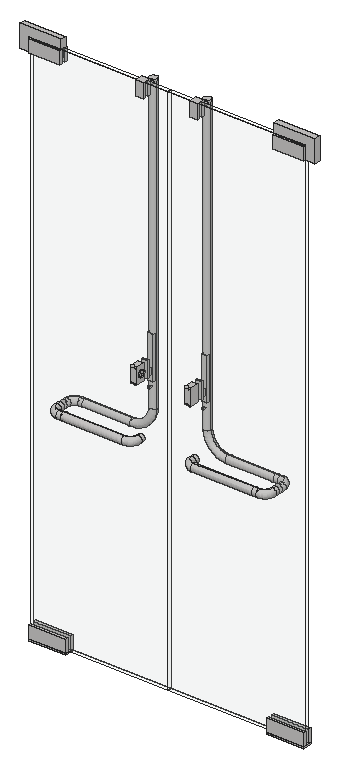
Revit family "Doors_Swing_Avanti_Systems_Pivot-Frameless-Pair-Swing-Door-Sgl-Glazed", category Doors, Revit 2015
Parameters (values of type "Load Family Type Catalog")
  Youtube clip = ""
  Weight Net (Kg) = "0"
  Warranty = "1 year"  # constant formula
  Uniformat II Description = "Interior Doors"
  Uniformat II Code = "C1020"
  Uniclass 2015 Name = "Doors and windows"
  Uniclass 2015 Code = "EF_25_30"
  Uniclass 2.0 Description = ""
  Uniclass 2.0 Code = ""
  Uniclass 1.4 Description = "Doors"
  Uniclass 1.4 Code = "JL20"
  URL = "https://www.avantisystemsusa.com"
  UNSPSC Code = "30171504"
  Type = 2
  Thickness = if(Type = 1, 1/2", if(Type = 2, 3/4", if(Type = 3, 3/8", if(Type = 4, 7/16", 9/16"))))  # 3/4"
  Technical description = ""
  Sound Rating = 0
  Region South America = "All"
  Region Oceania = "All"
  Region North America = "All"
  Region Middle East = "All"
  Region Europe = "All"
  Region Asia = "All"
  Region Antarctica = "All"
  Region Africa = "All"
  Recessed Floor Closer [instance] = yes
  QR code = "http://bimobject.com/avantisystems/product/avanti-pivot-frameless-swing-door"
  Product url = "https://www.avantisystemsusa.com/glass-products/doors/pivot-doors-hinged-doors/single-glazed-frameless/"
  Product group = "Pivot Frameless Swing"
  Product family = "Pivot & Hinged Doors"
  Product data url = "https://bimobject.com/avantisystems/product/avanti-pivot-frameless-swing-door"
  Product certification = ""
  Product SKU = "avanti-pivot-frameless-swing-door"
  Product Guid = "3a11851e-372f-40ff-a97e-0ea9b5931639"
  Power = 110 V  # constant formula
  Panel Width [instance] = (Opening Width / 2) - 93/128"  # 23.65513"
  Opening Width [instance] = 48.76338"
  OmniClass Description = "Wood Doors"
  OmniClass Code = "23-17 11 15"
  Nominal width = 0"
  Nominal height = 0"
  NBS Reference Description = ""
  NBS Reference Code = ""
  Model = "Pivot Frameless Swing Door"  # constant formula
  Material secondary = "Aluminium"
  Material main = "Glass"
  Masterformat 2014 Description = "Wood Doors"
  Masterformat 2014 Code = "08 14 00"
  Manufacturer name = "Avanti Systems"
  Manufacturer country = ""
  Manufacturer = "Avanti Systems USA"  # constant formula
  Lock = "Thumb turn floor lock with a key"
  Ladder Pull Height [instance] = 18"
  LEED compatibility = "YES"
  Installation instructions = ""
  IFC Classification = "Door"
  Height [instance] = 94 3/4"
  Hardware material [instance] = Stainless Steel - Avanti- Brushed Finish
  Handle type [instance] = Handle : Panic Device
  Handle Height [instance] = Height  # 94 3/4"
  Glazing = "Safety Glazing SGCC"
  Glass Width [instance] = 48.38838"
  Glass Material = Glass - Avanti -  Clear Tempered
  Glass Marker = yes
  Glass Height [instance] = 94 3/8"
  Function = Interior
  Edition number = 1
  EAN code = ""
  Design country = "United States"
  Description = "The Pivot Frameless Glass Swing Door is our luxury glass door solution that is completely customizable and is compatible with every partition system we offer as well as solid traditional walls."  # constant formula
  Date of publishing = ""
  Clear Anodic Finish = "available"  # constant formula
  COBIe Type Category = ""
  Brand url = "http://www.avantisystemsusa.com/"
  BIMobject main category code = "doors"
  BIMobject main category = "Doors"
  BIMobject category code = "doors-swing"
  BIMobject category = "Swing"
  Analytic Construction = "<None>"
  Acoustic performance (dB) = 43  # constant formula
Reference planes (in)
  plane 1 "Center (Front/Back)": y = 0
  plane 2: z = 0
  plane 3 "Center (Left/Right)": x = 3.24894
  plane 4: x = -21.13275
  plane 5: x = 27.63063
  plane 6 "Top": z = 94.75
  plane 7 "Curtain_wall_center": y = 0
  plane 8 "Curtain_wall_exterior": y = 0.375
  plane 9 "Curtain_wall_interior": y = -0.375
  plane 10 "Handle_placement_level": x = 0.74894
  plane 11: z = 1.5625
  plane 12: x = 29.19313
  plane 13: x = -22.69525
  plane 14: x = 5.74894
  plane 15: x = 3.24894
  plane 16: z = 94.5625
  plane 17: x = 27.44313
  plane 18: x = -20.94525
  plane 19: z = 0.1875
  plane 20: x = 15.34604
  plane 21: x = -8.84815
  plane 22: z = 47.375
Forms (in)
  Extrusion 1, solid, material "Glass - Avanti -  Clear Tempered" <- "Glass Material"
    sketch origin (0, -1.125, 0) x (1, 0, 0) y (0, 1, 0)
      loop
        line (-20.94525, 1.5) -> (-20.94525, 0.75) -> (3.24894, 0.75) -> (3.24894, 1.5) -> (-20.94525, 1.5)
    from 0.1875 to 94.5625
  Extrusion 2, solid, material "Glass - Avanti -  Clear Tempered" <- "Glass Material"
    sketch origin (6.49788, -2.54297, 0) x (-1, 0, 0) y (0, -1, 0)
      loop
        line (-20.94525, -2.91797) -> (3.24894, -2.91797) -> (3.24894, -2.16797) -> (-20.94525, -2.16797) -> (-20.94525, -2.91797)
    from 0.1875 to 94.5625
Lines and regions (in)
  Masking region 1
    outline origin (3.24894, 0, 0) x (0, 1, 0) y (0, 0, 1)
      loop
        line (0.375, 94.5625) -> (-0.375, 94.5625) -> (-0.375, 0.1875) -> (0.375, 0.1875) -> (0.375, 94.5625)
  symbolic lines, style "0", not visible
    curve 1: circle (20.74894, 4.89891, 0) r 0.39445 normal (0, 0, 1)
    curve 2: line (20.43894, 4.65501, 0) -> (20.43894, 2.625, 0)
    curve 3: line (21.06195, 4.65887, 0) -> (21.06195, 2.625, 0)
    curve 4: circle (20.74894, -0.14891, 0) r 0.39445 normal (0, 0, -1)
    curve 5: line (20.43894, 0.09499, 0) -> (20.43894, 2.125, 0)
    curve 6: line (21.06195, 0.09113, 0) -> (21.06195, 2.125, 0)
  symbolic lines, style "0"
    curve 7: line (-21.13275, -0.375, 0) -> (27.63063, -0.375, 0)
    curve 8: line (27.63063, -0.375, 0) -> (27.63063, 0.375, 0)
    curve 9: line (-21.13275, 0.375, 0) -> (27.63063, 0.375, 0)
    curve 10: line (3.24894, 0.375, 94.75) -> (3.24894, -0.375, 94.75)
    curve 11: line (3.24894, -0.375, 94.75) -> (3.24894, -0.375, 96.3125)
    curve 12: line (3.24894, 0.375, 0.1875) -> (3.24894, 0.375, 94.5625)
    curve 13: line (3.24894, 0.82993, 0) -> (3.24894, 0.53416, 0)
    curve 14: line (3.24894, 0.375, 96.3125) -> (3.24894, -0.375, 96.3125)
    curve 15: line (3.24894, -0.375, 0.1875) -> (3.24894, -0.375, 94.5625)
    curve 16: line (3.24894, 0.375, 0.1875) -> (3.24894, -0.375, 0.1875)
    curve 17: line (3.24894, 0.375, 0) -> (3.24894, -0.375, 0)
    curve 18: line (-21.13275, 0.375, 0) -> (-21.13275, -0.375, 0)
  symbolic lines, visible <- "Glass Marker"
    curve 19: line (12.51761, -0.24998, 44.54657) -> (18.17446, -0.24998, 50.20343)
    curve 20: line (15.34604, -0.24998, 45.52704) -> (17.19399, -0.24998, 47.375)
    curve 21: line (13.49808, -0.24998, 47.375) -> (15.34604, -0.24998, 49.22296)
    curve 29: line (-11.67658, -0.24998, 44.54657) -> (-6.01973, -0.24998, 50.20343)
    curve 30: line (-8.84815, -0.24998, 45.52704) -> (-7.0002, -0.24998, 47.375)
    curve 31: line (-10.69611, -0.24998, 47.375) -> (-8.84815, -0.24998, 49.22296)
  symbolic lines, not visible
    curve 22: line (13.49808, 0.25002, 47.375) -> (17.19399, 0.25002, 47.375)
    curve 27: line (-1.84534, 0.25002, 22.66367) -> (1.85057, 0.25002, 22.66367)
    curve 32: line (-10.69611, 0.25002, 47.375) -> (-7.0002, 0.25002, 47.375)
    curve 37: line (-1.84534, 0.25002, 22.66367) -> (1.85057, 0.25002, 22.66367)
  model lines, not visible
    curve 23: line (15.34604, 0.25002, 45.52704) -> (15.34604, 0.25002, 49.22296)
    curve 28: line (0.00262, 0.25002, 20.81572) -> (0.00262, 0.25002, 24.51163)
    curve 33: line (-8.84815, 0.25002, 45.52704) -> (-8.84815, 0.25002, 49.22296)
    curve 38: line (0.00262, 0.25002, 20.81572) -> (0.00262, 0.25002, 24.51163)
  symbolic lines, visible <- "Glass Marker", not visible
    curve 24: line (-2.82581, -0.24998, 19.83525) -> (2.83104, -0.24998, 25.4921)
    curve 25: line (0.00262, -0.24998, 20.81572) -> (1.85057, -0.24998, 22.66367)
    curve 26: line (-1.84534, -0.24998, 22.66367) -> (0.00262, -0.24998, 24.51163)
    curve 34: line (-2.82581, -0.24998, 19.83525) -> (2.83104, -0.24998, 25.4921)
    curve 35: line (0.00262, -0.24998, 20.81572) -> (1.85057, -0.24998, 22.66367)
    curve 36: line (-1.84534, -0.24998, 22.66367) -> (0.00262, -0.24998, 24.51163)
  symbolic lines, style "DoorsHiddenLines"
    curve 39: line (3.24894, 0, 94.5625) -> (-20.94525, 0, 47.375)
    curve 40: line (-20.94525, 0, 47.375) -> (3.24894, 0, 0.1875)
    curve 41: line (-20.21716, 0, 0) -> (-20.21716, 23.65513, 0)
    curve 42: arc (-20.21716, 23.65513, 0) -> (-3.75562, 16.83654, 0) -> (3.06297, 0.375, 0) r 23.28013
    curve 43: line (26.71504, 0, 0) -> (26.71504, 23.65513, 0)
    curve 44: arc (26.71504, 23.65513, 0) -> (10.2535, 16.83654, 0) -> (3.43491, 0.375, 0) r 23.28013
    curve 45: line (3.24894, 0, 94.5625) -> (27.44313, 0, 47.375)
    curve 46: line (27.44313, 0, 47.375) -> (3.24894, 0, 0.1875)
Text (in)
  text "Exterior" at (-45.72835, 31.38743, 0), in view "Ref. Level"
Dimensions and locks (in)
  equal spacing: plane 4, plane 3 "Center (Left/Right)", plane 5
  equal spacing: plane 8 "Curtain_wall_exterior", plane 7 "Curtain_wall_center", plane 9 "Curtain_wall_interior"
  "Thickness": plane 8 "Curtain_wall_exterior" to plane 9 "Curtain_wall_interior"
  "Opening Width": plane 4 to plane 5
  curve 12 to curve 15 = 3/4"
  Extrusion 1 to Extrusion 1 = 3/4"
  plane 11 to plane 2 = 1 9/16"
  plane 2 to plane 11 = 1 9/16"
  locked: plane 5 to plane 12 at 1.5625
  locked: plane 13 to plane 4 at 1.5625
  Extrusion 2 to Extrusion 2 = 3/4"
  equal spacing: plane 4, plane 15, plane 5
  locked: plane 14 to plane 15 at 2.5
  locked: plane 15 to plane 10 "Handle_placement_level" at 2.5
  nested 2 to plane 8 "Curtain_wall_exterior" = 1/8"
  nested 1 to plane 8 "Curtain_wall_exterior" = 1/8"
  "Height": plane 2 to plane 6 "Top"
  locked: plane 17 to plane 5 at 0.1875
  locked: plane 4 to plane 18 at 0.1875
  locked: plane 16 to plane 6 "Top" at 0.1875
  locked: plane 2 to plane 19 at 0.1875
  equal spacing: plane 15, plane 20, plane 17
  equal spacing: plane 15, plane 21, plane 18
  equal spacing: plane 19, plane 22, plane 16
  "Glass Width": plane 18 to plane 17
  "Glass Height": plane 19 to plane 16
  locked: plane 18 to curve 41 at 0.72809
  "Panel Width": plane 7 "Curtain_wall_center" to curve 41
  locked: curve 42 to plane 15 at 0.18597
  locked: curve 43 to plane 17 at 0.72809
  "Panel Width": plane 7 "Curtain_wall_center" to curve 43
  locked: plane 15 to curve 44 at 0.18597
  aligned and locked: level to plane 2
  aligned and locked: curve 8 to plane 5
  aligned and locked: nested 1 to plane 5
  aligned and locked: nested 2 to plane 4
  aligned and locked: Extrusion 2 to plane 15
  aligned and locked: plane 15 to Extrusion 1
  aligned and locked: curve 17 to plane 15
  aligned and locked: plane 8 "Curtain_wall_exterior" to curve 17
  aligned and locked: plane 4 to curve 9
  aligned and locked: plane 9 "Curtain_wall_interior" to curve 18
  aligned and locked: nested 2 to plane 6 "Top"
  aligned and locked: plane 6 "Top" to nested 1
  aligned and locked: plane 9 "Curtain_wall_interior" to curve 17
  aligned and locked: nested 5 to plane 2
  aligned and locked: Extrusion 2 to plane 16
  aligned and locked: Extrusion 2 to plane 17
  aligned and locked: Extrusion 2 to plane 19
  aligned and locked: Extrusion 1 to plane 19
  aligned and locked: plane 18 to Extrusion 1
  aligned and locked: Extrusion 1 to plane 16
  aligned and locked: plane 16 to nested 3
  aligned and locked: nested 4 to plane 16
  aligned and locked: plane 16 to nested 7
  aligned and locked: plane 17 to nested 7
  aligned and locked: plane 18 to nested 8
  aligned and locked: nested 8 to plane 16
  aligned and locked: plane 17 to nested 5
  aligned and locked: plane 22 to curve 22
  aligned and locked: curve 23 to plane 20
  aligned and locked: plane 22 to curve 32
  aligned and locked: curve 33 to plane 21
  aligned and locked: curve 16 to plane 19
  aligned and locked: plane 2 to nested 6
  aligned and locked: plane 18 to nested 6  (x2)
  aligned and locked: plane 16 to curve 39
  aligned and locked: plane 19 to curve 40
  aligned and locked: plane 19 to nested 5
  aligned and locked: plane 22 to curve 40
  aligned and locked: Masking region 1 sketch curve to plane 8 "Curtain_wall_exterior"
  aligned and locked: plane 9 "Curtain_wall_interior" to Masking region 1 sketch curve
  aligned and locked: plane 16 to Masking region 1 sketch curve
  aligned and locked: plane 19 to Masking region 1 sketch curve
  aligned and locked: plane 16 to curve 12
  aligned and locked: plane 16 to curve 15
  aligned and locked: plane 7 "Curtain_wall_center" to curve 41
  aligned and locked: curve 41 to curve 42
  aligned and locked: plane 7 "Curtain_wall_center" to curve 43
  aligned and locked: curve 43 to curve 44
  aligned and locked: plane 7 "Curtain_wall_center" to nested 1
  aligned and locked: plane 15 to curve 39
  aligned and locked: plane 18 to curve 39
  aligned and locked: plane 15 to curve 46
  aligned and locked: plane 17 to curve 45
  aligned and locked: nested 3 to plane 14
  aligned and locked: plane 10 "Handle_placement_level" to nested 4
  aligned and locked: plane 17 to nested 10
  aligned and locked: plane 2 to nested 10
  aligned and locked: plane 18 to nested 9
  aligned and locked: nested 9 to plane 2
  aligned and locked: nested 11 to plane 7 "Curtain_wall_center"
  aligned and locked: nested 11 to plane 2
Automatic sketch dimensions
  curve 15 to plane 9 "Curtain_wall_interior" = 0"
  plane 6 "Top" to curve 10 = 0"
  curve 10 to plane 9 "Curtain_wall_interior" = 0"
  curve 12 to plane 8 "Curtain_wall_exterior" = 0"
  curve 13 to level = 0"
  curve 11 to plane 6 "Top" = 1 9/16"
  plane 8 "Curtain_wall_exterior" to curve 13 = 0.15916"
  curve 13 to curve 13 = 0.29578"
  curve 14 to plane 8 "Curtain_wall_exterior" = 0"
  curve 10 to plane 8 "Curtain_wall_exterior" = 0"
  Extrusion 1 sketch curve to plane 9 "Curtain_wall_interior" = 0"
  Extrusion 1 sketch curve to plane 18 = 0"
  Extrusion 1 sketch curve to plane 3 "Center (Left/Right)" = 0"
  Extrusion 1 sketch curve to plane 8 "Curtain_wall_exterior" = 0"
  Extrusion 2 sketch curve to plane 9 "Curtain_wall_interior" = 0"
  Extrusion 2 sketch curve to plane 17 = 0"
  plane 3 "Center (Left/Right)" to Extrusion 2 sketch curve = 0"
  Extrusion 2 sketch curve to plane 8 "Curtain_wall_exterior" = 0"
  curve 46 to plane 22 = 0"
Nested families (in)
  nested 1: "Pivot Door Top Free Swing Patch Fitting" at (18.12971, -0.5, 94.75) x (-1, 0, 0) z (0, 1, 0), type "Pivot Door Top Free Swing Patch Fitting"
  nested 2: "Pivot Door Top Free Swing Patch Fitting" at (-11.63183, -0.5, 94.75) x (1, 0, 0) z (0, 1, 0), type "Pivot Door Top Free Swing Patch Fitting"
  nested 3: "Handle" at (7.37394, 1.75, 37.8125) x (-1, 0, 0) z (0, 1, 0), type <- "Handle type", type "Panic Device", detail levels medium+fine
    with Locker yes, Width 23.65513", Thickness 3/4", Height 94 3/4"
  nested 4: "Handle" at (-0.87606, 1.75, 37.8125) x (1, 0, 0) z (0, 1, 0), type <- "Handle type", type "Panic Device", detail levels medium+fine
    with Locker yes, Width 23.65513", Thickness 3/4", Height 94 3/4"
  nested 5: "Pivot Door Bottom Free Swing Pivot Option" at (27.44313, 0.375, 0) x (-1, 0, 0) z (0, 1, 0), Glass Thickness Control <- "Thickness", Product Material <- "Hardware material", Recessed Floor Closer <- "Recessed Floor Closer", type "Glass Thickness 8.0 mm"
    with Recessed Floor Closer yes, Product Material Stainless Steel - Avanti- Brushed Finish, Glass Thickness Control 3/4"
  nested 6: "Pivot Door Bottom Free Swing Pivot Option" at (-20.94525, 0.375, 0) x (1, 0, 0) z (0, 1, 0), Glass Thickness Control <- "Thickness", Product Material <- "Hardware material", Recessed Floor Closer <- "Recessed Floor Closer", type "Glass Thickness 8.0 mm"
    with Recessed Floor Closer yes, Product Material Stainless Steel - Avanti- Brushed Finish, Glass Thickness Control 3/4"
  nested 7: "Pivot Door Top Free Swing Pivot" at (27.44313, 0.375, 92.24754) x (-1, 0, 0) z (0, 1, 0), Glass Thickness Control <- "Thickness", Product Material <- "Hardware material", type "Glass Thickness 8.0 mm"
    with Product Material Stainless Steel - Avanti- Brushed Finish, Glass Thickness Control 3/4"
  nested 8: "Pivot Door Top Free Swing Pivot" at (-20.94525, 0.375, 92.24754) x (1, 0, 0) z (0, 1, 0), Glass Thickness Control <- "Thickness", Product Material <- "Hardware material", type "Glass Thickness 8.0 mm"
    with Product Material Stainless Steel - Avanti- Brushed Finish, Glass Thickness Control 3/4"
  nested 9: "Recessed Floor Closer - Elevation" at (-18.87315, 0, 0.11624) x (1, 0, 0) z (0, -1, 0), visible <- "Recessed Floor Closer", type "Recessed Floor Closer - Elevation"
  nested 10: "Recessed Floor Closer - Elevation" at (25.37103, 0, 0.11624) x (-1, 0, 0) z (0, -1, 0), visible <- "Recessed Floor Closer", type "Recessed Floor Closer - Elevation"
  nested 11: "Recessed Floor Closer - Section" at (3.24894, 0, 0) x (0, 1, 0) z (1, 0, 0), visible <- "Recessed Floor Closer", type "Recessed Floor Closer - Section"
Definition of nested family "Pivot Door Top Free Swing Patch Fitting"
  Parameters (values of type "Pivot Door Top Free Swing Patch Fitting")
    Material = none
    Default Elevation = 48"
  Reference planes (in)
    plane 1 "Center (Front/Back)": y = 0
    plane 2: z = 0
    plane 3 "Center (Left/Right)": x = 0
  Forms (in)
    Extrusion 1, solid, material <- "Material"
      sketch origin (5.75014, 73, 1.91797) x (0, -1, 0) y (1, 0, 0)
        loop
          line (73, -9.56356) -> (73, -15.25106) -> (70.64844, -15.25106) -> (70.64844, -16.81356) -> (74.5625, -16.81356) -> (74.5625, -9.56356) -> (73, -9.56356)
      from -1.91797 to -0.91797
  Lines and regions (in)
    reference lines
      curve 1: line (0, 2.35156, 0.5) -> (0, -5.14844, 0.5)
  Dimensions and locks (in)
    aligned and locked: level to plane 2
Definition of nested family "Handle"
  Parameters (values of type "48" Ladder Pull")
    Width = 54.28299"
    Type = 3
    Ladder Pool Height = 18"
    Ladder 60" = if(Type = 5, 1 = 1, 1 = 0)  # no
    Ladder = if(Type = 3, 1 = 1, 1 = 0)  # yes
    Thickness = 1/2"
    Panic hardware = if(Type = 4, 1 = 1, 1 = 0)  # no
    Material = none
    Locker [instance] = yes
    Height = 90 9/16"
    Glass door = if(Type = 2, 1 = 1, 1 = 0)  # no
    Framed door = if(Type = 1, 1 = 1, 1 = 0)  # no
    Default Elevation = 48"
  Types (3): name | Width | Type | Ladder 60" | Ladder | Panic hardware
    60" Ladder Pull | 54.28299" | 5 | yes | no | no
    Panic Device | 26.41493" | 4 | no | no | yes
    48" Ladder Pull | 54.28299" | 3 | no | yes | no
  Reference planes (in)
    plane 1 "Center (Front/Back)": y = 0
    plane 2: z = 0
    plane 3 "Center (Left/Right)": x = 0
    plane 4 "door_up": z = -1.375
    plane 5 "door_down": z = -1.875
    plane 6: z = -3.25
    plane 7: x = -1.25
    plane 8: x = -43.31449
    plane 9: x = -46.03299
    plane 10: x = -43.31449
    plane 11: y = 51.9375
    plane 12: y = 0.625
    plane 13: y = 11.125
    plane 14: y = 52.5625
    plane 15: y = -38
    plane 16: x = -50.15799
    plane 17 "door": x = 4.125
    plane 18: x = 1.625
    plane 19: y = -20
  Forms (in)
    Sweep 1, solid, material <- "Material", visible <- "Panic hardware"
      path origin (0, 0, 0) x (1, 0, 0) y (0, 1, 0)
        loop
          line (-1.25, 51.9375) -> (-1.25, 4.25)
          arc (-1.25, 4.25) -> (-2.12868, 2.12868) -> (-4.25, 1.25) r 3
          line (-4.25, 1.25) -> (-43.31449, 1.25)
      profile origin (-1.25, 28.09375, 0) x (1, 0, 0) y (0, 0, 1)
        loop
          circle (0.625, 0.625) r 0.625
    Sweep 2, solid, material <- "Material", visible <- "Panic hardware"
      path origin (0, 0, 0) x (1, 0, 0) y (0, 0, 1)
        loop
          line (-43.31449, 0) -> (-44.06449, 0)
          arc (-44.06449, 0) -> (-44.57255, -0.21044) -> (-44.78299, -0.7185) r 0.7185
          line (-44.78299, -0.7185) -> (-44.78299, -1.375)
      profile origin (-43.68949, 0, 0) x (0, 0, -1) y (0, -1, 0)
        loop
          circle (-0.625, -0.625) r 0.625
    Sweep 3, solid, material <- "Material", visible <- "Panic hardware"
      path origin (0, 0, -6.75) x (1, 0, 0) y (0, 0, -1)
        loop
          line (-43.31449, -3.5) -> (-44.06449, -3.5)
          arc (-44.06449, -3.5) -> (-44.57255, -3.71044) -> (-44.78299, -4.2185) r 0.7185
          line (-44.78299, -4.2185) -> (-44.78299, -4.875)
      profile origin (-43.68949, 0, -3.25) x (0, 0, -1) y (0, -1, 0)
        loop
          circle (0.625, -0.625) r 0.625
    Sweep 4, solid, material <- "Material", visible <- "Panic hardware"
      path origin (-30, 0, -6.75) x (-1, 0, 0) y (0, 0, -1)
        loop
          line (13.31449, -3.5) -> (-28.0315, -3.5)
          arc (-28.0315, -3.5) -> (-28.53956, -3.71044) -> (-28.75, -4.2185) r 0.7185
          line (-28.75, -4.2185) -> (-28.75, -4.875)
      profile origin (-22.6415, 0, -3.25) x (0, 0, 1) y (0, -1, 0)
        loop
          circle (-0.625, -0.625) r 0.625
  Cuts and joins
    joined: Sweep 1, Sweep 2
    joined: Sweep 3, Sweep 4
  Dimensions and locks (in)
    "Thickness": plane 5 "door_down" to plane 4 "door_up"
    locked: plane 3 "Center (Left/Right)" to plane 7 at 1.25
    locked: plane 9 to plane 8 at 2.7185
    locked: plane 9 to Sweep 3 sketch curve at 1.25
    locked: Sweep 2 sketch curve to plane 9 at 1.25
    locked: plane 10 to plane 9 at 2.7185
    locked: Sweep 1 sketch curve to plane 1 "Center (Front/Back)" at 1.25
    locked: plane 3 "Center (Left/Right)" to nested 1 at 0.125
    locked: plane 4 "door_up" to plane 2 at 1.375
    locked: plane 6 to plane 5 "door_down" at 1.375
    locked: plane 12 to plane 1 "Center (Front/Back)" at 0.625
    locked: plane 13 to plane 12 at 10.5
    locked: plane 14 to plane 11 at 0.625
    "Height": plane 14 to plane 15
    locked: plane 1 "Center (Front/Back)" to plane 15 at 38
    locked: plane 3 "Center (Left/Right)" to plane 17 "door" at 4.125
    "Width": plane 16 to plane 17 "door"
    locked: plane 16 to plane 10 at 6.8435
    locked: plane 18 to plane 17 "door" at 2.5
    "Ladder Pool Height": plane 19 to plane 15
    aligned and locked: level to plane 2
    aligned and locked: plane 4 "door_up" to cut or joined group of Sweep 1, Sweep 2
    aligned and locked: Sweep 2 sketch curve to plane 4 "door_up"
    aligned and locked: Sweep 3 sketch curve to plane 5 "door_down"
    aligned and locked: plane 6 to Sweep 3 sketch curve
    aligned and locked: plane 7 to Sweep 4 sketch curve
    aligned and locked: Sweep 4 sketch curve to plane 6
    aligned and locked: plane 8 to Sweep 4 sketch curve
    aligned and locked: plane 8 to Sweep 3 sketch curve
    aligned and locked: plane 10 to Sweep 2 sketch curve
    aligned and locked: plane 10 to Sweep 1 sketch curve
    aligned and locked: plane 11 to Sweep 1 sketch curve
    aligned and locked: plane 5 "door_down" to Sweep 4 sketch curve
    aligned and locked: nested 1 to plane 4 "door_up"
    aligned and locked: plane 13 to nested 1
    aligned and locked: nested 2 to plane 4 "door_up"
    aligned and locked: plane 3 "Center (Left/Right)" to nested 2
    aligned and locked: nested 2 to plane 11
    aligned and locked: nested 2 to plane 14
    aligned and locked: plane 18 to nested 3
    aligned and locked: plane 1 "Center (Front/Back)" to nested 3
    aligned and locked: nested 4 to plane 18
    aligned and locked: nested 4 to plane 1 "Center (Front/Back)"
    aligned and locked: nested 5 to plane 4 "door_up"
    aligned and locked: nested 5 to plane 17 "door"
    aligned and locked: nested 5 to plane 1 "Center (Front/Back)"
    aligned and locked: nested 6 to plane 4 "door_up"
    aligned and locked: plane 5 "door_down" to nested 7
    aligned and locked: nested 7 to plane 19
    aligned and locked: plane 19 to nested 6
    aligned and locked: nested 6 to plane 18
    aligned and locked: nested 7 to plane 18
    aligned and locked: plane 4 "door_up" to nested 8
    aligned and locked: plane 15 to nested 8
    aligned and locked: plane 5 "door_down" to nested 9
    aligned and locked: nested 9 to plane 15
    aligned and locked: plane 18 to nested 8
    aligned and locked: plane 18 to nested 9
  Nested families (in)
    nested 1: "Family2" at (-1.125, 11.125, 0.22234), visible <- "Panic hardware", type "Family2"
      with Lock yes
    nested 2: "Family3" at (-0.26102, 51.9375, -1.63602), visible <- "Panic hardware", type "Family3"
      with Thickness 1/2"
    nested 3: "Handle Timber" at (1.625, 0, -1.875), Locker <- "Locker", visible <- "Framed door", type "Handle Timber"
      with Locker yes
    nested 4: "Handle Timber" at (1.625, 0, -1.375) x (1, 0, 0) z (0, 0, -1), Locker <- "Locker", visible <- "Framed door", type "Handle Timber"
      with Locker yes
    nested 5: "Hinged Framed Swing locker" at (3.22214, -1.5625, -5.625), Handle and assembly material <- "Material", visible <- "Glass door", type "Hinged Framed Swing locker"
      with Handle and assembly material none
    nested 6: "Handle_For-Glass_Rounded_600mm" at (1.625, 13.36577, -1.375) x (-1, 0, 0) z (0, 0, -1), Handle Material <- "Material", visible <- "Ladder", type "Handle_For-Glass_Rounded_600mm"
      with Handle Material none, Handle Height 48"
    nested 7: "Handle_For-Glass_Rounded_600mm" at (1.625, -5.36577, -1.875) x (-1, 0, 0) z (0, 0, 1), Handle Material <- "Material", visible <- "Ladder", type "Handle_For-Glass_Rounded_600mm"
      with Handle Material none, Handle Height 48"
    nested 8: "Handle_For-Glass_Rounded_60in" at (1.625, 2.47039, -1.375), visible <- "Ladder 60"", Handle Material <- "Material", type "60""
      with No locker yes, Locker no, Handle Material none, Handle Height 60"
    nested 9: "Handle_For-Glass_Rounded_60in2" at (1.625, 2.47039, -1.875), visible <- "Ladder 60"", Handle Material <- "Material", type "60""
      with No locker no, Locker yes, Handle Material none, Handle Height 60"
  Definition of nested family "Family2"
    Parameters (values of type "Family2")
      Thickness = 1/2"
      Material = none
      Lock = no
    Reference planes (in)
      plane 1 "Center (Front/Back)": y = 0
      plane 2: z = 0
      plane 3 "Center (Left/Right)": x = 0
      plane 4: z = -2.09734
      plane 5: z = -1.59734
    Forms (in)
      Extrusion 1, solid, material <- "Material"
        sketch origin (0, 0, 0) x (0, 1, 0) y (0, 0, 1)
          loop
            line (5.04078, -0.345) -> (5.04078, 0) -> (-2.39922, 0) -> (-2.39922, -0.345) -> (5.04078, -0.345)
        from 0 to 1
      Extrusion 2, solid, material <- "Material"
        sketch origin (0, 0, 0) x (0, 1, 0) y (0, 0, 1)
          loop
            line (-0.3074, -0.345) -> (-1.4374, -0.345) -> (-1.4374, -1.31734) -> (-0.3074, -1.31734) -> (-0.3074, -0.345)
        from 0.32565 to 0.66353
      Extrusion 3, solid, material <- "Material"
        sketch origin (0, 0, 0) x (0, 1, 0) y (0, 0, 1)
          loop
            line (-1.4374, -1.31734) -> (-1.4374, -1.59734) -> (1.43807, -1.59734) -> (1.43807, -1.31734) -> (-1.4374, -1.31734)
          loop
            line (1.45803, -2.09734) -> (-1.41697, -2.09734) -> (-1.41697, -3.82961)
            arc (-1.41697, -3.82961) -> (-1.36191, -3.96254) -> (-1.22897, -4.01761) r 0.188
            line (-1.22897, -4.01761) -> (1.27003, -4.01761)
            arc (1.27003, -4.01761) -> (1.40297, -3.96254) -> (1.45803, -3.82961) r 0.188
            line (1.45803, -3.82961) -> (1.45803, -2.09734)
        from 0 to 1
      Extrusion 4, solid, material <- "Material"
        sketch origin (0, 0, 0) x (0, 1, 0) y (0, 0, 1)
          loop
            arc (-3.2641, -0.65221) -> (-3.242, -0.64306) -> (-3.23285, -0.62096) r 0.03125
            line (-3.23285, -0.62096) -> (-3.23285, 0) -> (-3.4516, 0) -> (-3.4516, -0.62096)
            arc (-3.4516, -0.62096) -> (-3.44244, -0.64306) -> (-3.42035, -0.65221) r 0.03125
            line (-3.42035, -0.65221) -> (-3.2641, -0.65221)
        from 0.32565 to 0.66353
      Extrusion 5, solid, material <- "Material", visible <- "Lock"
        sketch origin (1, 0, 0) x (0, 1, 0) y (0, 0, 1)
          loop
            circle (0.20853, -3.12734) r 0.58
          loop
            circle (0.20853, -3.12734) r 0.5625
          loop
            circle (-0.07272, -3.12734) r 0.22671
        from 0 to 0.25
      Extrusion 6, solid, material <- "Material", visible <- "Lock"
        sketch origin (1, 0, 0) x (0, 1, 0) y (0, 0, 1)
          loop
            circle (0.20853, -3.12734) r 0.5625
        from 0 to 0.20472
      Extrusion 7, solid, material <- "Material", visible <- "Lock", not visible
        sketch origin (1, 0, 0) x (0, 1, 0) y (0, 0, 1)
          loop
            circle (0.20853, -3.12734) r 0.58
          loop
            circle (0.20853, -3.12734) r 0.5625
          loop
            circle (-0.07272, -3.12734) r 0.22671
        from 0 to 0.25
      Extrusion 8, solid, material <- "Material", visible <- "Lock", not visible
        sketch origin (1, 0, 0) x (0, 1, 0) y (0, 0, 1)
          loop
            circle (0.20853, -3.12734) r 0.5625
        from 0 to 0.20472
    Lines and regions (in)
      model lines, not visible
        curve 1: line (0, -0.35397, -3.12734) -> (0, 0.39603, -3.12734)
        curve 2: line (0, -0.35397, -3.12734) -> (0, 0.39603, -3.12734)
    Dimensions and locks (in)
      "Thickness": plane 4 to plane 5
      locked: plane 5 to plane 2 at 1.59734
      aligned and locked: level to plane 2
      aligned and locked: plane 5 to Extrusion 3 sketch curve
      aligned and locked: Extrusion 3 sketch curve to Extrusion 2
      aligned and locked: Extrusion 3 sketch curve to plane 4
  Definition of nested family "Family3"
    Parameters (values of type "Family3")
      Thickness = 0.50125"
      Material = none
    Reference planes (in)
      plane 1 "Center (Front/Back)": y = 0
      plane 2: z = 0
      plane 3 "Center (Left/Right)": x = 0
      plane 4: z = 0.26102
      plane 5: z = -0.24023
    Forms (in)
      Extrusion 1, solid, material <- "Material"
        sketch origin (-0.98898, 0.625, 0.26102) x (0, 0, -1) y (0, 1, 0)
          loop
            line (-0.28125, 0.125) -> (-0.28125, -2.375) -> (0, -2.375) -> (0, 0) -> (0.50125, 0) -> (0.50125, -2.37518) -> (0.78125, -2.37518) -> (0.78125, 0.125) -> (-0.28125, 0.125)
        from 0 to 1.25
      Revolve 2, solid, material <- "Material"
        sketch origin (-0.36398, 0.615, 0.26102) x (0, 0, -1) y (0, 1, 0)
          loop
            line (-0.28125, -0.615) -> (-1.5092, -0.615) -> (-1.5092, -0.995) -> (-0.28125, -0.995) -> (-0.28125, -0.615)
          axis (-1.5092, -0.995) -> (-0.28125, -0.995)
        angle from 0 to 360
    Dimensions and locks (in)
      "Thickness": plane 4 to plane 5
      locked: Extrusion 1 to plane 4 at 0.28125
      locked: plane 5 to Extrusion 1 at 0.28
      aligned and locked: level to plane 2
      aligned and locked: Extrusion 1 to plane 4
      aligned and locked: plane 5 to Extrusion 1
  Definition of nested family "Handle Timber"
    Parameters (values of type "Handle Timber")
      Locker [instance] = yes
      Handle material = none
      Default Elevation = 48"
    Reference planes (in)
      plane 1 "Center (Front/Back)": y = 0
      plane 2: z = 0
      plane 3 "Center (Left/Right)": x = 0
    Forms (in)
      Extrusion 1, solid, material <- "Handle material"
        sketch origin (0, 0.00944, 0.00975) x (-1, 0, 0) y (0, -1, 0.00026)
          loop
            line (0.82036, -6.01526) -> (0.82036, -4.11121)
            arc (0.82036, -4.11121) -> (0, -3.29085) -> (-0.82036, -4.11121) r 0.82036
            line (-0.82036, -4.11121) -> (-0.82036, -6.01526)
            arc (-0.82036, -6.01526) -> (0, -6.83563) -> (0.82036, -6.01526) r 0.82036
          loop
            line (0.82036, -0.95129) -> (0.82036, 0.95276)
            arc (0.82036, 0.95276) -> (0, 1.77313) -> (-0.82036, 0.95276) r 0.82036
            line (-0.82036, 0.95276) -> (-0.82036, -0.95129)
            arc (-0.82036, -0.95129) -> (0, -1.77165) -> (0.82036, -0.95129) r 0.82036
        from -0.36 to -0.00798
      Sweep 2, solid, material <- "Handle material"
        path origin (0, 0.00944, 0.00975) x (-1, 0, 0) y (0, 0.00026, 1)
          loop
            line (0.00372, -0.36) -> (0.00372, -2.13165)
            arc (0.00372, -2.13165) -> (0.19244, -2.58727) -> (0.64805, -2.77599) r 0.64433
            line (0.64805, -2.77599) -> (4.19136, -2.77599)
            arc (4.19136, -2.77599) -> (4.78191, -2.53137) -> (5.02652, -1.94082) r 0.83517
            line (5.02652, -1.94082) -> (5.02652, -0.63757)
        profile origin (-0.00372, 0.00911, -1.23607) x (-1, 0, 0) y (0, 1, -0.00026)
          loop
            circle (0, 0) r 0.3937
      Extrusion 3, solid, material <- "Handle material", visible <- "Locker"
        sketch origin (0, 0.00944, 0.00975) x (-1, 0, 0) y (0, -1, 0.00026)
          loop
            line (0.82009, 4.11958) -> (0.82408, 6.02363)
            arc (0.82408, 6.02363) -> (0.00543, 6.84571) -> (-0.81665, 6.02706) r 0.82036
            line (-0.81665, 6.02706) -> (-0.82063, 4.12301)
            arc (-0.82063, 4.12301) -> (-0.00199, 3.30093) -> (0.82009, 4.11958) r 0.82036
        from -0.36 to -0.01061
    Lines and regions (in)
      reference lines
        curve 1: line (0, 6.84506, 0) -> (0, -6.83627, 0)
        curve 2: line (-5.42022, 0.00893, 0) -> (0.82036, 0.00893, 0)
    Dimensions and locks (in)
      aligned and locked: level to plane 2
  Definition of nested family "Hinged Framed Swing locker"
    Parameters (values of type "Hinged Framed Swing locker")
      Thickness = 1/2"
      Lock = yes
      Handle and assembly material [instance] = none
    Reference planes (in)
      plane 1 "Center (Front/Back)": y = 0
      plane 2: z = 0
      plane 3 "Center (Left/Right)": x = 0
      plane 4: y = 0.59375
      plane 5: y = -0.59375
      plane 6: x = -1
      plane 7: x = 1
      plane 8: y = 0.25
      plane 9: y = -0.25
      plane 10: x = 1.5
      plane 11: z = 8
      plane 12: z = 4.6875
      plane 13: z = 3.6875
      plane 14: z = 3.125
      plane 15: x = 1.38539
      plane 16: z = 2.79297
      plane 17: y = 0.25
      plane 18: y = -0.25
      plane 19: x = 0.90286
      plane 20: z = 6.0625
      plane 21: y = -0.84375
      plane 22: y = -0.80275
      plane 23 "handle_center": z = 2.4375
      plane 24: x = -4.375
      plane 25: y = -1.23355
      plane 26: z = 2.69544
      plane 27: z = 2.17956
      plane 28: y = -2.05222
      plane 29: y = -2.71875
      plane 30: z = 2.69544
      plane 31: z = 2.17956
      plane 32: z = 4.25
      plane 33: z = 3.75
      plane 34: z = 4
    Forms (in)
      Extrusion 1, solid, material <- "Handle and assembly material"
        sketch origin (0, -4, 4) x (1, 0, 0) y (0, 0, -1)
          loop
            line (-1, 0.59375) -> (-1, 0.25) -> (0.90286, 0.25) -> (0.90286, -0.25) -> (-1, -0.25) -> (-1, -0.59375) -> (1, -0.59375) -> (1, 0.59375) -> (-1, 0.59375)
        from 0 to 8
      Extrusion 2, solid, material <- "Handle and assembly material", detail levels fine
        sketch origin (0, -4, 4) x (1, 0, 0) y (0, 0, -1)
          loop
            line (1, 0.25) -> (1, -0.25)
            arc (1, -0.25) -> (1.27121, -0.02121) -> (1.5, 0.25) r 2.09856
            line (1.5, 0.25) -> (1, 0.25)
        from 3.6875 to 4.6875
      Extrusion 3, solid, material <- "Handle and assembly material", detail levels fine
        sketch origin (0, -4, 4) x (1, 0, 0) y (0, 0, -1)
          loop
            line (1, 0.25) -> (1, -0.25)
            arc (1, -0.25) -> (1.0598, -0.20427) -> (1.0921, -0.13627) r 0.16012
            arc (1.0921, -0.13627) -> (1.11202, -0.10046) -> (1.14874, -0.08227) r 0.06897
            line (1.14874, -0.08227) -> (1.30312, -0.08227)
            arc (1.30312, -0.08227) -> (1.36129, -0.05818) -> (1.38539, 0) r 0.08227
            arc (1.38539, 0) -> (1.36129, 0.05818) -> (1.30312, 0.08227) r 0.08227
            line (1.30312, 0.08227) -> (1.14874, 0.08227)
            arc (1.14874, 0.08227) -> (1.11202, 0.10046) -> (1.0921, 0.13627) r 0.06897
            arc (1.0921, 0.13627) -> (1.0598, 0.20427) -> (1, 0.25) r 0.16012
        from 2.79297 to 3.125
      Extrusion 4, solid, material <- "Handle and assembly material", visible <- "Lock", detail levels medium+fine
        sketch origin (1, -4, 4.59375) x (-1, 0, 0) y (0, -1, 0)
          loop
            circle (1, -6.0625) r 0.63654
          loop
            circle (1, -6.0625) r 0.60041
        from 0 to 0.25
      Extrusion 5, solid, material <- "Handle and assembly material", visible <- "Lock", detail levels medium+fine
        sketch origin (1, -4, 4.59375) x (-1, 0, 0) y (0, -1, 0)
          loop
            circle (1, -6.0625) r 0.60041
        from 0 to 0.209
      Blend 6, solid, material <- "Handle and assembly material", visible <- "Lock", detail levels fine
        base sketch origin (1, -4, 4.80275) x (-1, 0, 0) y (0, -1, 0)
          loop
            circle (1, -5.84645) r 0.21605
        top sketch origin (1, -4, 4.80275) x (-1, 0, 0) y (0, -1, 0)
          loop
            circle (1, -5.84645) r 0.19257
        from 0 to 0.041
      Extrusion 7, solid, material <- "Handle and assembly material"
        sketch origin (1, -4, 4.59375) x (-1, 0, 0) y (0, -1, 0)
          loop
            circle (1, -2.4375) r 0.35547
        from 0 to 1.45847
      Extrusion 8, void
        sketch origin (0.04357, -4.04543, 4) x (0, 0, -1) y (-0.017452, 0.999848, 0)
          loop
            line (-1.23355, 2.79297) -> (-1.23355, 2.90667) -> (-2.86779, 2.90667) -> (-2.86779, 2.69544) -> (-1.36779, 2.69544)
            arc (-1.36779, 2.69544) -> (-1.28242, 2.71908) -> (-1.23355, 2.79297) r 0.12635
        from -3.60215 to 0.49573
      Extrusion 9, solid, material <- "Handle and assembly material"
        sketch origin (1, -4, 4.59375) x (-1, 0, 0) y (0, -1, 0)
          loop
            arc (0.71851, -2.22043) -> (0.66353, -2.32283) -> (0.64453, -2.4375) r 0.35547
            arc (0.64453, -2.4375) -> (0.66353, -2.55217) -> (0.71851, -2.65457) r 0.35547
            line (0.71851, -2.65457) -> (5.3098, -2.57443) -> (5.375, -2.50923) -> (5.375, -2.36577) -> (5.3098, -2.30057) -> (0.71851, -2.22043)
        from 1.45847 to 2.125
      Extrusion 10, void
        sketch origin (0.04357, 0.92043, 4) x (0, 0, -1) y (0.017452, 0.999848, 0)
          loop
            arc (-1.23355, -2.79297) -> (-1.28242, -2.71908) -> (-1.36779, -2.69544) r 0.12635
            line (-1.36779, -2.69544) -> (-2.86779, -2.69544) -> (-2.86779, -2.90667) -> (-1.23355, -2.90667) -> (-1.23355, -2.79297)
        from -3.60215 to 0.49573
      Extrusion 11, solid, material <- "Handle and assembly material"
        sketch origin (1, -4, 3.40625) x (0, 1, 0) y (1, 0, 0)
          loop
            circle (2.4375, -1) r 0.35547
        from 0 to 1.45847
      Extrusion 12, void
        sketch origin (0.04357, -4.04543, 4) x (0, 0, 1) y (0.017452, -0.999848, 0)
          loop
            arc (-1.23355, -2.79297) -> (-1.28242, -2.71908) -> (-1.36779, -2.69544) r 0.12635
            line (-1.36779, -2.69544) -> (-2.86779, -2.69544) -> (-2.86779, -2.90667) -> (-1.23355, -2.90667) -> (-1.23355, -2.79297)
        from -3.60215 to 0.49573
      Extrusion 13, solid, material <- "Handle and assembly material"
        sketch origin (1, -4, 3.40625) x (0, 1, 0) y (1, 0, 0)
          loop
            line (2.22043, -0.71851) -> (2.30057, -5.3098) -> (2.36577, -5.375) -> (2.50923, -5.375) -> (2.57443, -5.3098) -> (2.65457, -0.71851)
            arc (2.65457, -0.71851) -> (2.55217, -0.66353) -> (2.4375, -0.64453) r 0.35547
            arc (2.4375, -0.64453) -> (2.32283, -0.66353) -> (2.22043, -0.71851) r 0.35547
        from 1.45847 to 2.125
      Extrusion 14, void
        sketch origin (0.04357, 0.92043, 4) x (0, 0, 1) y (-0.017452, -0.999848, 0)
          loop
            line (-1.23355, 2.79297) -> (-1.23355, 2.90667) -> (-2.86779, 2.90667) -> (-2.86779, 2.69544) -> (-1.36779, 2.69544)
            arc (-1.36779, 2.69544) -> (-1.28242, 2.71908) -> (-1.23355, 2.79297) r 0.12635
        from -3.60215 to 0.49573
    Cuts and joins
      Extrusion 8, Extrusion 10, Extrusion 12, Extrusion 14 cuts Extrusion 7
      Extrusion 10, Extrusion 12, Extrusion 14 cuts Extrusion 9
      joined: Extrusion 7, Extrusion 9
      Extrusion 12, Extrusion 14 cuts Extrusion 11
      Extrusion 12 cuts Extrusion 13
      joined: Extrusion 11, Extrusion 13
    Lines and regions (in)
      reference lines
        curve 1: line (0.35547, -1.5625, 0) -> (-4.39453, -1.5625, 0)
    Dimensions and locks (in)
      plane 4 to plane 5 = 1 3/16"
      plane 6 to plane 7 = 2"
      plane 11 to plane 2 = 8"
      plane 11 to plane 12 to plane 13 to plane 14 to plane 16 = 3 5/16" locked, 1" locked, 9/16" locked, 85/256" locked
      equal spacing: plane 17, plane 1 "Center (Front/Back)", plane 18
      "Thickness": plane 17 to plane 18
      locked: plane 19 to plane 7 at 0.09714
      locked: plane 15 to plane 10 at 0.11461
      equal spacing: plane 6, plane 3 "Center (Left/Right)", plane 7
      locked: plane 11 to plane 20 at 1.9375
      locked: plane 5 to plane 21 at 0.25
      locked: plane 22 to plane 21 at 0.041
      locked: plane 11 to plane 23 "handle_center" at 5.5625
      locked: plane 24 to plane 7 at 5.375
      locked: plane 5 to plane 29 at 2.125
      "Thickness": plane 32 to plane 33
      locked: Extrusion 1 to plane 32 at 0.34375
      locked: plane 33 to Extrusion 1 at 0.34375
      aligned and locked: level to plane 2
      aligned and locked: Extrusion 1 sketch curve to plane 6  (x2)
      aligned and locked: plane 7 to Extrusion 1 sketch curve
      aligned and locked: plane 7 to Extrusion 3 sketch curve  (x2)
      aligned and locked: plane 15 to Extrusion 3 sketch curve
      aligned and locked: plane 7 to Extrusion 2 sketch curve  (x2)
      aligned and locked: plane 10 to Extrusion 2 sketch curve
      aligned and locked: plane 19 to Extrusion 1 sketch curve
      aligned and locked: Extrusion 1 to plane 32
      aligned and locked: plane 33 to Extrusion 1
    Automatic sketch dimensions
      Extrusion 1 sketch curve to plane 12 = 3/32"
      Extrusion 1 sketch curve to Extrusion 1 sketch curve = 11/32"
      plane 13 to Extrusion 1 sketch curve = 1/16"
      Extrusion 1 sketch curve to plane 13 = 9/32"
      plane 23 "handle_center" to Extrusion 2 sketch curve = 0.09981"
      Extrusion 2 sketch curve to plane 3 "Center (Left/Right)" = 0.21269"
      plane 13 to Extrusion 2 sketch curve = 1/16"
      Extrusion 3 sketch curve to Extrusion 3 sketch curve = 0"  (x2)
      plane 19 to Extrusion 3 sketch curve = 0.0325"  (x2)
      Extrusion 3 sketch curve to plane 7 = 0.14874"  (x2)
      Extrusion 3 sketch curve to Extrusion 3 sketch curve = 0.01087"  (x2)
      Extrusion 3 sketch curve to Extrusion 3 sketch curve = 0.08227"
      Extrusion 3 sketch curve to plane 12 = 7/16"
      Extrusion 3 sketch curve to Extrusion 3 sketch curve = 0.09962"
      Extrusion 3 sketch curve to Extrusion 3 sketch curve = 0.1465"
      Extrusion 3 sketch curve to Extrusion 3 sketch curve = 0.06811"  (x2)
      Extrusion 3 sketch curve to Extrusion 3 sketch curve = 0.20701"
      plane 13 to Extrusion 3 sketch curve = 1/16"
      Extrusion 4 sketch curve to Extrusion 4 sketch curve = 0"  (x2)
      Extrusion 4 sketch curve to Extrusion 1 = 1"
      Extrusion 1 to Extrusion 4 sketch curve = 1 15/16"
      Extrusion 5 sketch curve to Extrusion 1 = 1"
      Extrusion 1 to Extrusion 5 sketch curve = 1 15/16"
      Extrusion 7 sketch curve to plane 3 "Center (Left/Right)" = 0"
      plane 25 to Extrusion 7 sketch curve = 0.32895"
      plane 20 to Extrusion 8 sketch curve = 0.80529"
      plane 12 to Extrusion 8 sketch curve = 0.68029"
      Extrusion 8 sketch curve to Extrusion 8 sketch curve = 0.0111"
      Extrusion 8 sketch curve to Extrusion 8 sketch curve = 0.12313"
      Extrusion 8 sketch curve to Extrusion 8 sketch curve = 0.09753"
      Extrusion 8 sketch curve to Extrusion 8 sketch curve = 0.1137"
      Extrusion 9 sketch curve to Extrusion 9 sketch curve = 0"  (x4)
      Extrusion 9 sketch curve to Extrusion 1 = 0.71851"
      Extrusion 9 sketch curve to Extrusion 9 sketch curve = 0.28149"
      Extrusion 1 to Extrusion 9 sketch curve = 3.3098"
      Extrusion 9 sketch curve to Extrusion 9 sketch curve = 0.0652"  (x3)
      Extrusion 1 to Extrusion 9 sketch curve = 2.65457"
      Extrusion 1 to Extrusion 9 sketch curve = 2.57443"
      Extrusion 9 sketch curve to Extrusion 9 sketch curve = 0.21707"
      Extrusion 9 sketch curve to Extrusion 9 sketch curve = 0.14346"
      plane 20 to Extrusion 10 sketch curve = 0.80529"
      plane 12 to Extrusion 10 sketch curve = 0.68029"
      Extrusion 10 sketch curve to Extrusion 10 sketch curve = 0.0111"
      Extrusion 10 sketch curve to Extrusion 10 sketch curve = 0.12313"
      Extrusion 10 sketch curve to Extrusion 10 sketch curve = 0.08537"
      Extrusion 10 sketch curve to Extrusion 10 sketch curve = 0.1137"
      Extrusion 11 sketch curve to plane 3 "Center (Left/Right)" = 0"
      plane 25 to Extrusion 11 sketch curve = 0.32895"
      plane 27 to Extrusion 12 sketch curve = 1.04735"
      Extrusion 12 sketch curve to plane 26 = 0.06323"
      Extrusion 12 sketch curve to plane 26 = 0.05213"
      Extrusion 12 sketch curve to plane 16 = 0.02652"
      Extrusion 12 sketch curve to Extrusion 12 sketch curve = 0.08537"
      Extrusion 12 sketch curve to Extrusion 12 sketch curve = 0.1137"
      Extrusion 13 sketch curve to Extrusion 13 sketch curve = 0"  (x2)
      Extrusion 13 sketch curve to plane 24 = 0"
      Extrusion 13 sketch curve to plane 3 "Center (Left/Right)" = 0"
      plane 28 to Extrusion 13 sketch curve = 0.27265"
      Extrusion 13 sketch curve to plane 24 = 0.0652"  (x2)
      plane 28 to Extrusion 13 sketch curve = 0.35279"
      Extrusion 13 sketch curve to Extrusion 13 sketch curve = 0.0652"  (x2)
      plane 25 to Extrusion 13 sketch curve = 0.32895"
      Extrusion 13 sketch curve to Extrusion 13 sketch curve = 0.14346"
      plane 25 to Extrusion 13 sketch curve = 0.11187"
      plane 3 "Center (Left/Right)" to Extrusion 13 sketch curve = 0.28149"
      plane 27 to Extrusion 14 sketch curve = 1.04735"
      Extrusion 14 sketch curve to plane 26 = 0.06323"
      Extrusion 14 sketch curve to plane 26 = 0.05213"
      Extrusion 14 sketch curve to plane 16 = 0.02652"
      Extrusion 14 sketch curve to Extrusion 14 sketch curve = 0.09753"
      Extrusion 14 sketch curve to Extrusion 14 sketch curve = 0.1137"
      plane 24 to curve 1 = 5/256"
      plane 25 to curve 1 = 0.32895"
      plane 3 "Center (Left/Right)" to curve 1 = 91/256"
      radius of Extrusion 4 sketch curve = 0.63654"
      radius of Extrusion 4 sketch curve = 0.60041"
      radius of Extrusion 5 sketch curve = 0.60041"
      radius of Blend 6 sketch curve = 0.21605"
      radius of Blend 6 sketch curve = 0.19257"
      radius of Extrusion 7 sketch curve = 91/256"
      radius of Extrusion 11 sketch curve = 91/256"
  Definition of nested family "Handle_For-Glass_Rounded_600mm"
    Parameters (values of type "Handle_For-Glass_Rounded_600mm")
      Handle Material [instance] = none
      Handle Height [instance] = 48"  # constant formula
      Default Elevation = 48"
    Reference planes (in)
      plane 1 "Center (Front/Back)": y = 0
      plane 2: z = 26.93599
      plane 3 "Center (Left/Right)": x = 0
      plane 4: z = 0
      plane 5: z = -2.66749
      plane 6: y = -28.44876
      plane 7: y = 14.63423
      plane 8: y = -33.36577
    Forms (in)
      Sweep 1, solid, material <- "Handle Material"
        path origin (0, -17.24158, 0) x (0, 0, 1) y (0, -1, 0)
          loop
            line (-2.10925, 11.20718) -> (0, 11.20718)
        profile origin (0, -28.44876, 0) x (0, -1, 0) y (1, 0, 0)
          loop
            circle (0, 0) r 0.3125
      Sweep 2, solid, material <- "Handle Material"
        path origin (0, 10.76459, 0) x (0, 0, 1) y (0, -1, 0)
          loop
            line (-2.30394, 1.07019) -> (0, 1.07019)
        profile origin (0, 9.69441, 0) x (0, -1, 0) y (1, 0, 0)
          loop
            circle (0, 0) r 0.3125
      Extrusion 3, solid, material <- "Handle Material"
        sketch origin (0, -17.24158, 0) x (1, 0, 0) y (0, 0, -1)
          loop
            circle (0, 2.27257) r 0.39445
        from -16.12419 to 31.87581
    Dimensions and locks (in)
      locked: plane 8 to plane 6 at 4.91701
      "Handle Height": plane 7 to plane 8
      aligned and locked: plane 7 to Extrusion 3
      aligned and locked: Extrusion 3 to plane 8
  Definition of nested family "Handle_For-Glass_Rounded_60in"
    Parameters (values of type "60"")
      No locker [instance] = yes
      Locker [instance] = yes
      Handle Material [instance] = none
      Handle Height [instance] = 60"  # constant formula
    Reference planes (in)
      plane 1 "Center (Front/Back)": y = 0
      plane 2: z = 19.87581
      plane 3 "Center (Left/Right)": x = 0
      plane 4: z = 2.66749
      plane 5: y = -36.97039
      plane 6: z = 0
      plane 7: y = 20.02961
      plane 8: y = -39.97039
    Forms (in)
      Sweep 1, solid, material <- "Handle Material"
        path origin (0, -11.8462, 0) x (0, 0, -1) y (0, 1, 0)
          loop
            line (-2.10925, -25.12419) -> (0, -25.12419)
        profile origin (0, -36.97039, 0) x (1, 0, 0) y (0, 1, 0)
          loop
            circle (0, 0) r 0.3125
      Sweep 2, solid, material <- "Handle Material"
        path origin (0, 16.15997, 0) x (0, 0, -1) y (0, 1, 0)
          loop
            line (-3.10757, -8.13036) -> (0, -8.13036)
        profile origin (0, 8.02961, 0) x (1, 0, 0) y (0, 1, 0)
          loop
            circle (0, 0) r 0.4375
      Extrusion 3, solid, material <- "Handle Material"
        sketch origin (0, -11.8462, 0) x (1, 0, 0) y (0, 0, -1)
          loop
            circle (0, -2.27257) r 0.39445
        from -28.12419 to 31.87581
      Revolve 4, solid, material <- "Handle Material"
        sketch origin (0, -11.8462, 0) x (0, 0, -1) y (0, 1, 0)
          loop
            line (-3.10757, 20.0489) -> (-3.19084, 20.0489) -> (-3.19084, 19.87581) -> (-3.10757, 19.87581) -> (-3.10757, 20.0489)
          axis (-3.10757, 19.87581) -> (-3.19084, 19.87581)
        angle from 0 to 360
      Extrusion 5, solid, material <- "Handle Material", visible <- "Locker"
        sketch origin (0, -11.8462, 0) x (0, 0, -1) y (0, 1, 0)
          loop
            line (-3.19084, 19.98905) -> (-3.34908, 19.98905)
            arc (-3.34908, 19.98905) -> (-3.37904, 19.97664) -> (-3.39145, 19.94668) r 0.04237
            line (-3.39145, 19.94668) -> (-3.39145, 19.80495)
            arc (-3.39145, 19.80495) -> (-3.37904, 19.77499) -> (-3.34908, 19.76258) r 0.04237
            line (-3.34908, 19.76258) -> (-3.19084, 19.76258) -> (-3.19084, 19.98905)
        from -0.03592 to 0.03621
      Revolve 6, solid, material <- "Handle Material", visible <- "No locker"
        sketch origin (0, -11.62359, 0) x (0, 0, -1) y (0, 1, 0)
          loop
            line (-3.10757, 20.0489) -> (-3.20833, 20.0489) -> (-3.20833, 19.87581) -> (-3.10757, 19.87581) -> (-3.10757, 20.0489)
          axis (-3.10757, 19.87581) -> (-3.20833, 19.87581)
        angle from 0 to 360
      Revolve 7, solid, material <- "Handle Material", visible <- "Locker"
        sketch origin (0, -11.8462, 0) x (0, 0, -1) y (0, 1, 0)
          loop
            line (-2.27257, -28.12419) -> (-2.50833, -28.12419) -> (-2.50833, -29.32199) -> (-2.41048, -29.49919) -> (-2.27257, -29.49919) -> (-2.27257, -28.12419)
          axis (-2.27257, -28.12419) -> (-2.27257, -29.49919)
        angle from 0 to 360
    Lines and regions (in)
      reference lines
        curve 1: line (0, -40.47039, 2.66749) -> (0, -40.47039, 0)
    Dimensions and locks (in)
      locked: plane 8 to plane 5 at 3
      "Handle Height": plane 7 to plane 8
      aligned and locked: Extrusion 3 to plane 7
      aligned and locked: Extrusion 3 to plane 8
      aligned and locked: Sweep 1 sketch curve to plane 5
  Definition of nested family "Handle_For-Glass_Rounded_60in2"
    Parameters (values of type "60"")
      No locker [instance] = yes
      Locker [instance] = yes
      Handle Material [instance] = none
      Handle Height [instance] = 60"  # constant formula
    Reference planes (in)
      plane 1 "Center (Front/Back)": y = 0
      plane 2: z = 19.87581
      plane 3 "Center (Left/Right)": x = 0
      plane 4: y = -36.97039
      plane 5: z = 0
      plane 6: y = 20.02961
      plane 7: y = -39.97039
      plane 8: z = -2.66749
    Forms (in)
      Sweep 1, solid, material <- "Handle Material"
        path origin (0, -11.8462, 0) x (0, 0, 1) y (0, 1, 0)
          loop
            line (-2.10925, -25.12419) -> (0, -25.12419)
        profile origin (0, -36.97039, 0) x (0, -1, 0) y (1, 0, 0)
          loop
            circle (0, 0) r 0.3125
      Sweep 2, solid, material <- "Handle Material"
        path origin (0, 16.15997, 0) x (0, 0, 1) y (0, 1, 0)
          loop
            line (-3.10757, -8.13036) -> (0, -8.13036)
        profile origin (0, 8.02961, 0) x (0, -1, 0) y (1, 0, 0)
          loop
            circle (0, 0) r 0.4375
      Extrusion 3, solid, material <- "Handle Material"
        sketch origin (0, -11.8462, 0) x (1, 0, 0) y (0, 0, -1)
          loop
            circle (0, 2.27257) r 0.39445
        from -28.12419 to 31.87581
      Revolve 4, solid, material <- "Handle Material"
        sketch origin (0, -11.8462, 0) x (0, 0, 1) y (0, 1, 0)
          loop
            line (-3.10757, 20.0489) -> (-3.19084, 20.0489) -> (-3.19084, 19.87581) -> (-3.10757, 19.87581) -> (-3.10757, 20.0489)
          axis (-3.10757, 19.87581) -> (-3.19084, 19.87581)
        angle from 0 to 360
      Extrusion 5, solid, material <- "Handle Material", visible <- "Locker"
        sketch origin (0, -11.8462, 0) x (0, 0, 1) y (0, -1, 0)
          loop
            line (-3.19084, -19.98905) -> (-3.19084, -19.76258) -> (-3.34908, -19.76258)
            arc (-3.34908, -19.76258) -> (-3.37904, -19.77499) -> (-3.39145, -19.80495) r 0.04237
            line (-3.39145, -19.80495) -> (-3.39145, -19.94668)
            arc (-3.39145, -19.94668) -> (-3.37904, -19.97664) -> (-3.34908, -19.98905) r 0.04237
            line (-3.34908, -19.98905) -> (-3.19084, -19.98905)
        from -0.03592 to 0.03621
      Revolve 6, solid, material <- "Handle Material", visible <- "No locker"
        sketch origin (0, -11.62359, 0) x (0, 0, 1) y (0, 1, 0)
          loop
            line (-3.10757, 20.0489) -> (-3.20833, 20.0489) -> (-3.20833, 19.87581) -> (-3.10757, 19.87581) -> (-3.10757, 20.0489)
          axis (-3.10757, 19.87581) -> (-3.20833, 19.87581)
        angle from 0 to 360
      Revolve 7, solid, material <- "Handle Material", visible <- "Locker"
        sketch origin (0, -11.8462, 0) x (0, 0, 1) y (0, 1, 0)
          loop
            line (-2.27257, -28.12419) -> (-2.50833, -28.12419) -> (-2.50833, -29.32199) -> (-2.41048, -29.49919) -> (-2.27257, -29.49919) -> (-2.27257, -28.12419)
          axis (-2.27257, -28.12419) -> (-2.27257, -29.49919)
        angle from 0 to 360
    Lines and regions (in)
      reference lines
        curve 1: line (0, -40.47039, -2.66749) -> (0, -40.47039, 0)
    Dimensions and locks (in)
      locked: plane 7 to plane 4 at 3
      "Handle Height": plane 6 to plane 7
Definition of nested family "Pivot Door Bottom Free Swing Pivot Option"
  Parameters (values of type "Glass Thickness 8.0 mm")
    Youtube clip = "https://www.youtube.com/watch?time_continue=4&v=5oOBSi0owgs"
    Weight Net (Kg) = "1.35"
    Uniformat II Description = ""
    Uniformat II Code = ""
    Uniclass 2015 Name = ""
    Uniclass 2015 Code = ""
    Uniclass 2.0 Description = ""
    Uniclass 2.0 Code = ""
    Uniclass 1.4 Description = ""
    Uniclass 1.4 Code = ""
    URL = "http://www.colcomgroup.it"
    UNSPSC Code = ""
    Technical description = "http://www.minusco.com/images/pdf/schede-tecniche/05_PORTE_ESTERNE.pdf"
    Region South America = "All"
    Region Oceania = "All"
    Region North America = "All"
    Region Middle East = "All"
    Region Europe = "All"
    Region Asia = "All"
    Region Antarctica = "All"
    Region Africa = "All"
    Recessed Floor Closer [instance] = yes
    QR code = "http://bimobject.com/colcom/product/Hydraulic-Hinge-Unica-101E10"
    Product url = "http://www.minusco.com/images/pdf/schede-tecniche/05_PORTE_ESTERNE.pdf"
    Product group = "Hydraulic hinge"
    Product family = "Glass Hardware"
    Product data url = "https://bimobject.com/colcom/product/Hydraulic-Hinge-Unica-101E10"
    Product certification = "http://www.minusco.com/images/pdf/UNICA-tuv-certificate.pdf"
    Product SKU = "Hydraulic-Hinge-Unica-101E10"
    Product Material [instance] = none
    Product Instructions = "Outer doors. Glass thickness from 8mm to 13,52mm .Maximum door width 1000mm. Maximum door weight 100 Kg. Working temperature range -10°C to +50° C . Automatic closing from +80° -80°."  # constant formula
    Product Guid = "450c44ee-bdbd-483b-a3fa-21a73341f42f"
    OmniClass Description = ""
    OmniClass Code = ""
    Nominal width = 6.5748"
    Nominal height = 2.71654"
    NBS Reference Description = ""
    NBS Reference Code = ""
    Model = "Hydraulic Hinge Unica 101E10"
    Material secondary = "Steel"
    Material main = "Aluminium"
    Masterformat 2014 Description = ""
    Masterformat 2014 Code = ""
    Manufacturer name = "Colcom"
    Manufacturer country = "Italy"
    Manufacturer = "Colcom"
    Keynote = "08700"
    Installation instructions = "http://www.minusco.com/istruzioni/XC-IM-101E10.pdf"
    IFC Classification = ""
    Glass Thickness Control [instance] = 0.31496"
    Glass Thickness = 0.31496"
    Edition number = 1
    EAN code = ""
    Design country = "Italy"
    Description = "Hydraulic hinge including brake, closing speed & final latch adjustments. Control of the door alignment.\r\nCan be combined with all patch fittings of the Maxima series. Useful also\r\nfor pivoting applications. Stop at 0° +90° -90°. Tested according to EN 1154:2006 . Certification Mark TÜV ."
    Default Elevation = 0"
    Date of publishing = ""
    COBIe Type Category = ""
    Brand url = ""
    BIMobject main category code = ""
    BIMobject main category = ""
    BIMobject category code = ""
    BIMobject category = ""
    Assembly Code = "C1020410"
  Reference planes (in)
    plane 1 "Center (Front/Back)": y = 0
    plane 2: z = 0
    plane 3 "Center (Left/Right)": x = 0
    plane 4: y = 2.31496
    plane 5: y = -0.41339
    plane 6: y = 0.1875
    plane 7: x = 6.55512
    plane 8: z = 0.45276
    plane 9: z = -0.31496
    plane 10: z = -0.76772
    plane 11: z = -0.15748
    plane 12: z = 0.6122
    plane 13: z = -0.92717
    plane 14: x = 4.24005
    plane 15: x = 0.20769
    plane 16: x = 6.15157
    plane 17: y = 1.73622
    plane 18: y = 2.01182
    plane 19: x = 5.44291
    plane 20: x = 2.22678
    plane 21: z = 0.46594
    plane 22: z = -0.7809
    plane 23: x = 1.60336
    plane 24: x = 2.85019
    plane 25: y = -1.59449
    plane 26: x = 0.72835
    plane 27: x = 3.72521
    plane 28: y = -0.80709
    plane 29: y = 1.98032
    plane 30: y = 0.60237
    plane 31: z = 0.25001
    plane 32: z = -0.56497
    plane 33: x = 6.59449
    plane 34: x = -0.03937
  Forms (in)
    Extrusion 1, solid
      sketch origin (0, 0, 0) x (1, 0, 0) y (0, 1, 0)
        loop
          line (-48, 48) -> (-48, -48) -> (48, -48) -> (48, 48) -> (-48, 48)
      from 0 to -12
    Extrusion 2, solid, material <- "Product Material"
      sketch origin (3.06299, -180, -0.5315) x (-1, 0, 0) y (0, -1, 0)
        loop
          line (-3.49213, -182.31496) -> (3.06299, -182.31496) -> (3.06299, -180.1875) -> (-3.49213, -180.1875) -> (-3.49213, -182.31496)
      from -0.23622 to 0.21654
    Extrusion 3, solid, material <- "Product Material"
      sketch origin (3.06299, -180, -0.5315) x (-1, 0, 0) y (0, -1, 0)
        loop
          line (-3.49213, -182.31496) -> (3.06299, -182.31496) -> (3.06299, -180.1875) -> (-3.49213, -180.1875) -> (-3.49213, -182.31496)
      from -0.23622 to 0.21654
    Extrusion 4, solid, material <- "Product Material"
      sketch origin (3.06299, -180, -0.5315) x (-1, 0, 0) y (0, -1, 0)
        loop
          line (3.06299, -182.31496) -> (3.06299, -180.1875) -> (-3.49213, -180.1875) -> (-3.49213, -182.31496) -> (3.06299, -182.31496)
      from 0.5315 to 0.98425
    Extrusion 5, solid, material <- "Product Material", detail levels fine
      sketch origin (2.51156, -1.55511, 48) x (-1, 0, 0) y (0, 0, -1)
        loop
          circle (1.78346, 48.15748) r 0.19685
      from -1.74261 to -1.55511
    Extrusion 6, solid, material <- "Product Material", visible <- "Recessed Floor Closer", detail levels fine
      sketch origin (4.58661, -180, 0.45276) x (-1, 0, 0) y (0, -1, 0)
        loop
          line (4.58661, -180.03198) -> (4.58661, -179.85329) -> (-1.9685, -179.85329) -> (-1.9685, -180.03198) -> (4.58661, -180.03198)
      from -1.37992 to 0.15945
